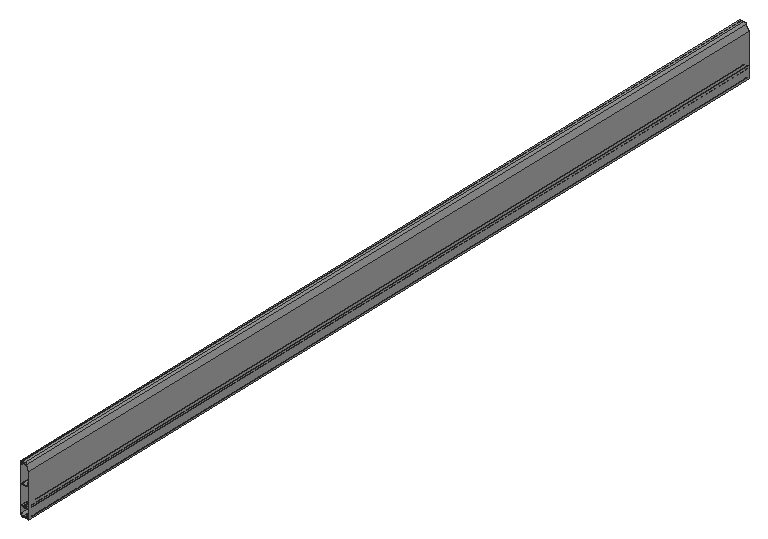
Revit family "Sockelleistenkanal SL 20110", category Generic Models, Revit 2017
Family settings
  Can host rebar = No
  Round Connector Dimension = Use Diameter
  Part Type = Normal
  Work Plane-Based = No
  Always vertical = Yes
  Cut with Voids When Loaded = No
  Shared = No
  Room Calculation Point = No
Parameters (values of type "SL 20110 rws")
  URL = "http://www.obo-bettermann.com"
  Material = Polyvinylchlorid
  Manufacturer Art.No. = "6132274"
  Manufacturer = "OBO BETTERMANN"
  Length = 2000 mm
  GTIN = "4012196723416"
  Article Type = "SL 20110 rws"
Reference planes
  plane 1 "Center (Front/Back)": y = 0
  plane 2: z = 0
  plane 3 "Center (Left/Right)": x = 0
  plane 4: x = -20
  plane 5: x = -1.9
  plane 6: z = 6.5
  plane 7: x = -5.9
  plane 8: z = 108
  plane 9: x = -15
  plane 10: x = -5.9
  plane 11: z = 1.8
  plane 12: z = 21.8
  plane 13: x = -1.9
  plane 14: z = 21.8
  plane 15: z = 23.3
  plane 16: x = -10.4
  plane 17: z = 22.55
  plane 18: z = 24.547
  plane 19: z = 20.55
  plane 20: x = -2.9
  plane 21: x = -11.42
  plane 22: x = -3.9
  plane 23: z = 63.808
  plane 24: z = 68.808
  plane 25: x = -2.435
  plane 26: z = 106.4
  plane 27: z = 104.553
  plane 28: z = 104.553
  plane 29: y = 2000
  plane 30: z = 110
  plane 31: z = 94
  plane 32: z = 108.211
  plane 33: z = 107.011
  plane 34: x = -18.064
Forms (mm)
  Extrusion 1, solid, material "Polyvinylchlorid" <- "Material"
    sketch origin (0, 0, 0) x (1, 0, 0) y (0, 0, 1)
      loop
        line (-14.958, 0) -> (-4.357, 0)
        arc (-4.357, 0) -> (-1.965, 2.242) -> (-3.054, 5.334) r 3
        line (-3.054, 5.334) -> (-4.389, 6.235)
        arc (-4.389, 6.235) -> (-5.717, 6.175) -> (-5.536, 4.858) r 0.9
        line (-5.536, 4.858) -> (-4.116, 3.88)
        arc (-4.116, 3.88) -> (-3.817, 2.396) -> (-5.208, 1.8) r 1.2
        line (-5.208, 1.8) -> (-14.213, 1.8) -> (-18.2, 5.787) -> (-18.2, 21.8) -> (-11.42, 21.8)
        arc (-11.42, 21.8) -> (-10.272, 20.181) -> (-8.387, 19.56) r 3.173
        line (-8.387, 19.56) -> (-2.398, 19.55)
        arc (-2.398, 19.55) -> (-1.919, 19.896) -> (-2.097, 20.46) r 0.505
        line (-2.097, 20.46) -> (-3.9, 21.8) -> (-3.9, 20.56) -> (-8.387, 20.56)
        arc (-8.387, 20.56) -> (-10.386, 22.558) -> (-8.387, 24.557) r 1.999
        line (-8.387, 24.557) -> (-3.9, 24.557) -> (-3.9, 23.3) -> (-2.276, 24.321)
        arc (-2.276, 24.321) -> (-2, 24.613) -> (-1.9, 25.001) r 0.804
        line (-1.9, 25.001) -> (-1.9, 29.547) -> (-2.9, 29.547) -> (-2.9, 25.532) -> (-8.482, 25.532)
        arc (-8.482, 25.532) -> (-10.348, 24.915) -> (-11.48, 23.308) r 3.133
        line (-11.48, 23.308) -> (-18.2, 23.308) -> (-18.2, 63.808) -> (-1.9, 63.808) -> (-1.9, 71.263) -> (-3.4, 71.263) -> (-3.4, 69.365) -> (-2.435, 68.808) -> (-3.4, 68.808) -> (-3.4, 65.372) -> (-18.2, 65.372) -> (-18.2, 104.553) -> (-13.724, 105.752) -> (-17.618, 108) -> (-18.2, 106.4) -> (-20, 106.4) -> (-20, 63.808) -> (-20, 21.8) -> (-20, 5.042) -> (-14.958, 0)
    from 0 to -2000
  Extrusion 2, solid, material "Polyvinylchlorid" <- "Material"
    sketch origin (0, 0, 0) x (1, 0, 0) y (0, 0, 1)
      loop
        line (0, 0) -> (0, 94) -> (-4.626, 106.71)
        arc (-4.626, 106.71) -> (-6.457, 109.096) -> (-9.325, 110) r 5
        line (-9.325, 110) -> (-19.957, 110) -> (-19.957, 108.211) -> (-18.501, 107.011) -> (-18.064, 108.211) -> (-15.235, 108.211) -> (-9.165, 108.211)
        arc (-9.165, 108.211) -> (-7.392, 107.652) -> (-6.26, 106.177) r 3.091
        line (-6.26, 106.177) -> (-1.828, 94) -> (-1.828, 0) -> (0, 0)
    from 0 to -2000
Dimensions and locks
  locked: plane 3 "Center (Left/Right)" to plane 4 at 20
  locked: plane 4 to plane 5 at 18.1
  locked: level to plane 6 at 6.5
  plane 3 "Center (Left/Right)" to plane 7 = 5.9 mm
  locked: level to plane 8 at 108
  locked: plane 4 to plane 9 at 5
  locked: plane 11 to plane 12 at 20
  locked: plane 14 to plane 15 at 1.5
  locked: plane 17 to plane 18 at 1.997
  locked: plane 19 to plane 17 at 2
  locked: Extrusion 1 sketch curve to plane 16 at 8.5
  locked: plane 21 to plane 16 at 1.02
  Extrusion 1 sketch curve to Extrusion 1 sketch curve = 3.997 mm
  locked: plane 13 to plane 22 at 2
  locked: Extrusion 1 sketch curve to plane 23 at 40.5
  locked: Extrusion 1 sketch curve to Extrusion 1 sketch curve at 1.8  (x4)
  locked: Extrusion 1 sketch curve to Extrusion 1 sketch curve at 1.564
  locked: Extrusion 1 sketch curve to Extrusion 1 sketch curve at 1.5  (x2)
  Extrusion 1 sketch curve to plane 24 = 5 mm
  locked: Extrusion 1 sketch curve to Extrusion 1 sketch curve at 6.276
  locked: Extrusion 1 sketch curve to Extrusion 1 sketch curve at 3.997
  locked: Extrusion 1 sketch curve to Extrusion 1 sketch curve at 1
  locked: Extrusion 1 sketch curve to Extrusion 1 sketch curve at 0.975
  locked: Extrusion 1 sketch curve to Extrusion 1 sketch curve at 1.01
  "Length": plane 1 "Center (Front/Back)" to plane 29
  locked: level to plane 30 at 110
  locked: plane 31 to plane 30 at 16
  locked: Extrusion 2 sketch curve to Extrusion 2 sketch curve at 1.893
  locked: Extrusion 2 sketch curve to Extrusion 2 sketch curve at 1.789
  locked: Extrusion 2 sketch curve to Extrusion 2 sketch curve at 1.718
  locked: Extrusion 2 sketch curve to Extrusion 2 sketch curve at 1.828
  locked: Extrusion 2 sketch curve to Extrusion 2 sketch curve at 110
  angle Extrusion 1 sketch curve to plane 28 = 15.00°
  locked: plane 8 to Extrusion 1 sketch curve (angle 30.00°)
  locked: plane 34 to Extrusion 2 sketch curve (angle 20.00°)
  aligned and locked: level to plane 2
  aligned and locked: Extrusion 1 sketch curve to Extrusion 1 sketch curve
  aligned and locked: plane 3 "Center (Left/Right)" to Extrusion 2 sketch curve
  aligned and locked: plane 31 to Extrusion 2 sketch curve
  aligned and locked: plane 1 "Center (Front/Back)" to Extrusion 2
  aligned and locked: plane 29 to Extrusion 2
  aligned and locked: plane 29 to Extrusion 1
Automatic sketch dimensions
  Extrusion 1 sketch curve to Extrusion 1 sketch curve = 0 mm  (x6)
  plane 4 to Extrusion 1 sketch curve = 0 mm
  Extrusion 1 sketch curve to plane 26 = 0 mm
  Extrusion 1 sketch curve to plane 27 = 0 mm
  Extrusion 1 sketch curve to plane 12 = 0 mm  (x3)
  Extrusion 1 sketch curve to plane 8 = 0 mm
  Extrusion 1 sketch curve to level = 0 mm
  plane 21 to Extrusion 1 sketch curve = 0 mm
  plane 22 to Extrusion 1 sketch curve = 0 mm
  Extrusion 1 sketch curve to plane 22 = 0 mm
  Extrusion 1 sketch curve to plane 24 = 0 mm
  plane 25 to Extrusion 1 sketch curve = 0 mm
  Extrusion 1 sketch curve to plane 5 = 0 mm
  Extrusion 1 sketch curve to plane 6 = 0.713 mm
  Extrusion 1 sketch curve to Extrusion 1 sketch curve = 0.582 mm
  Extrusion 1 sketch curve to plane 9 = 0.042 mm
  Extrusion 1 sketch curve to plane 9 = 0.787 mm
  plane 21 to Extrusion 1 sketch curve = 0.06 mm
  Extrusion 1 sketch curve to plane 17 = 0.151 mm
  plane 18 to Extrusion 1 sketch curve = 0.01 mm
  Extrusion 1 sketch curve to Extrusion 1 sketch curve = 0.094 mm
  Extrusion 1 sketch curve to plane 7 = 0.364 mm
  Extrusion 1 sketch curve to plane 7 = 0.692 mm
  Extrusion 1 sketch curve to plane 7 = 0.874 mm
  plane 22 to Extrusion 1 sketch curve = 0.98 mm
  plane 22 to Extrusion 1 sketch curve = 0.489 mm
  plane 22 to Extrusion 1 sketch curve = 0.457 mm
  plane 22 to Extrusion 1 sketch curve = 0.216 mm
  plane 20 to Extrusion 1 sketch curve = 0.5 mm
  plane 20 to Extrusion 1 sketch curve = 0.154 mm
  Extrusion 1 sketch curve to plane 20 = 0.196 mm
  Extrusion 1 sketch curve to plane 25 = 0.037 mm
  Extrusion 1 sketch curve to plane 25 = 0.159 mm
  Extrusion 1 sketch curve to Extrusion 1 sketch curve = 1.154 mm
  Extrusion 1 sketch curve to plane 6 = 1.642 mm
  Extrusion 1 sketch curve to Extrusion 1 sketch curve = 0.741 mm
  Extrusion 1 sketch curve to plane 19 = 0.495 mm
  Extrusion 1 sketch curve to Extrusion 1 sketch curve = 0.174 mm
  Extrusion 1 sketch curve to plane 18 = 0.227 mm
  Extrusion 1 sketch curve to Extrusion 1 sketch curve = 4.015 mm
  plane 24 to Extrusion 1 sketch curve = 0.557 mm
  Extrusion 1 sketch curve to Extrusion 1 sketch curve = 1.899 mm
  Extrusion 1 sketch curve to Extrusion 1 sketch curve = 0.013 mm
  Extrusion 1 sketch curve to plane 19 = 0.09 mm
  Extrusion 2 sketch curve to plane 32 = 0 mm
  Extrusion 2 sketch curve to plane 33 = 0 mm
  Extrusion 2 sketch curve to plane 34 = 0 mm
  Extrusion 2 sketch curve to level = 0 mm
  Extrusion 2 sketch curve to plane 31 = 0 mm
  Extrusion 2 sketch curve to plane 34 = 2.829 mm
  Extrusion 2 sketch curve to Extrusion 2 sketch curve = 0.16 mm
  Extrusion 2 sketch curve to plane 33 = 0.834 mm
  Extrusion 2 sketch curve to Extrusion 2 sketch curve = 1.634 mm
